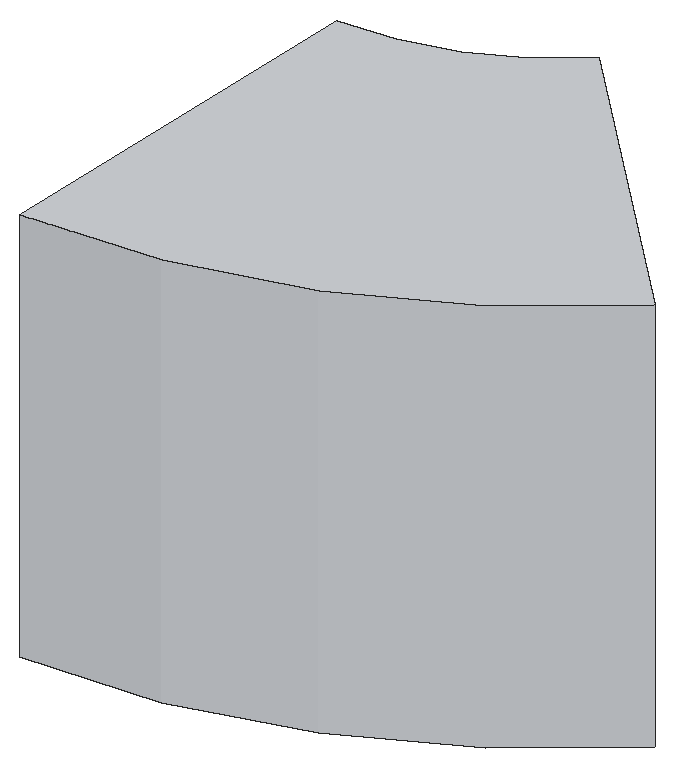
Revit family "Rectangular-Duct-Elbow_Radius-w-KoolDuct-Insulation-System", category Duct Fittings, Revit 2026
Family settings
  Round Connector Dimension = Use Diameter
  Part Type = Elbow
  Classification Number = 23.75.70.14
  Work Plane-Based = No
  Always vertical = Yes
  Cut with Voids When Loaded = No
  Shared = No
Parameters (values of type "KoolDuct Duct")
  Width [instance] = 12"
  built-in parameter 1114242 [instance] = (empty or 0)
  URL = "http://www.trustgreenguard.com/hvac-ductwork/kingspan-koolduct-system/"
  Type Comments = ""
  Specification = "http://www.arcat.com/sdspecs/htm04/23_31_00ksp.htm"
  Sales Information = "http://www.trustgreenguard.com/contact/"
  Revision = "R1_2016-10"
  Radius Multiplier = 1.5
  Product Properties = "http://www.trustgreenguard.com/knowledge-base/ductwork/"
  Product Data = "http://www.arcat.com/arcatcos/cos49/arc49893.html"
  Model = "Rectangular Duct Elbow - Radius w/ KoolDuct Insulation"
  Manufacturer Website = "http://www.trustgreenguard.com/hvac-ductwork/kingspan-koolduct-system/"
  Manufacturer Phone - Toll Free = "800-241-4402"
  Manufacturer Phone = "678-589-7300"
  Manufacturer Fax = "678-589-7325"
  Manufacturer Address = "2100 RiverEdge Pkwy. Suite 175; Atlanta; GA 30328"
  Manufacturer = "Kingspan Insulation LLC"
  Lining Width [instance] = Width - Lining Thickness * 2  # 12"
  Lining Thickness [instance] = 0"
  Lining Height [instance] = Height - Lining Thickness * 2  # 12"
  Length1 [instance] = Center Radius * tan(Angle / 2)  # 7.45584"
  Keynote = "23 07 19"
  Insulation Width [instance] = Width + Insulation Thickness * 2  # 15"
  Insulation Thickness = 1 1/2"
  Insulation Height [instance] = Height + Insulation Thickness * 2  # 15"
  Installation-Fabrication = "http://www.trustgreenguard.com/knowledge-base/ductwork/"
  Height [instance] = 12"
  Drawn By = "Sumex Design / Robert S Weygant"
  Description = "Rectangular Duct Elbow - Radius w/ KoolDuct Insulation System"
  Default Elevation = 0' - 0"
  Cost = 0
  Copyright = "� 2016 ARCAT Inc."
  Construction Details = "http://www.arcat.com/details/kinginsu/kinginsu.html?coid=49893"
  Center Radius [instance] = Radius Multiplier * Width  # 18"
  Assembly Code = "D3040100"
  Angle [instance] = 45.00°
Reference planes (in)
  plane 1 "Center (Front/Back)": y = 0
  plane 2: z = 0
  plane 3 "Center (Left/Right)": x = 0
  plane 4: y = 18
  plane 5: x = -7.45584
Forms (in)
  Sweep 1, solid, detail levels medium+fine
    path in 3D
      loop
        arc (-7.45584, 0, 0) -> (-0.56754, 1.37017, 0) -> (5.27208, 5.27208, 0) r 18
    profile "Duct - Rectangular : Duct - Rectangular" origin (-0.56754, 1.37017, 0) x (-0.382683, 0.92388, 0) y (0, 0, 1)
      loop
        line (-6, 6) -> (-6, -6) -> (6, -6) -> (6, 6) -> (-6, 6)
  Sweep 2, solid, detail levels medium+fine
    path in 3D
      loop
        arc (-7.45584, 0, 0) -> (-0.56754, 1.37017, 0) -> (5.27208, 5.27208, 0) r 18
    profile "Duct - Rectangular : Duct - Lining" origin (-0.56754, 1.37017, 0) x (-0.382683, 0.92388, 0) y (0, 0, 1)
      loop
        line (-6, 6) -> (-6, -6) -> (6, -6) -> (6, 6) -> (-6, 6)
  Sweep 3, solid, detail levels medium+fine
    path in 3D
      loop
        arc (-7.45584, 0, 0) -> (-0.56754, 1.37017, 0) -> (5.27208, 5.27208, 0) r 18
    profile "Duct - Rectangular : Duct - Insulation" origin (-0.56754, 1.37017, 0) x (-0.382683, 0.92388, 0) y (0, 0, 1)
      loop
        line (-7.5, 7.5) -> (-7.5, -7.5) -> (7.5, -7.5) -> (7.5, 7.5) -> (-7.5, 7.5)
Lines and regions (in)
  reference lines
    curve 1: line (-7.45584, 0, 0) -> (0, 0, 0)
    curve 2: line (0, 0, 0) -> (5.27208, 5.27208, 0)
    curve 3: arc (-7.45584, 0, 0) -> (-0.56754, 1.37017, 0) -> (5.27208, 5.27208, 0) r 18
    curve 4: line (-7.45584, 18, 0) -> (5.27208, 5.27208, 0)
    curve 9: line (-7.45584, 18, 0) -> (-7.45584, 0, 0)
  sketch lines
    curve 5: arc (-7.45584, 0, 0) -> (-0.56754, 1.37017, 0) -> (5.27208, 5.27208, 0) r 18
    curve 6: arc (-7.45584, 0, 0) -> (-0.56754, 1.37017, 0) -> (5.27208, 5.27208, 0) r 18
    curve 7: arc (-7.45584, 0, 0) -> (-0.56754, 1.37017, 0) -> (5.27208, 5.27208, 0) r 18
  model lines, style "DuctFitting"
    curve 8: arc (-7.45584, 0, 0) -> (-0.56754, 1.37017, 0) -> (5.27208, 5.27208, 0) r 18
Dimensions and locks (in)
  "Length1": plane 5 to plane 3 "Center (Left/Right)"
  "Center Radius": plane 1 "Center (Front/Back)" to plane 4
  "Angle": angle curve 9 to curve 4
  "Angle": angle curve 8 to curve 8
  aligned and locked: plane 1 "Center (Front/Back)" to curve 1
  aligned and locked: plane 3 "Center (Left/Right)" to curve 1
  aligned and locked: plane 5 to curve 1
  aligned and locked: plane 4 to curve 3
  aligned and locked: plane 5 to curve 3
  aligned and locked: connector elem to curve 8
  aligned and locked: plane 4 to curve 8
  aligned and locked: plane 5 to curve 8  (x2)
  aligned and locked: curve 9 to plane 5
  aligned and locked: plane 4 to curve 9
Connectors (in)
  hvac at (-7.45584, 0, 0), driven by "Angle", driven by "Height", driven by "Width"
    settings: on Sweep 1, index 1, duct flow 0 CFM, flow factor 0, pres drop 0.00 in-wg, loss coef 0, conn angle 45.00°, conn width 12", conn height 12", conn diameter 24", duct sys type 28, conn prof type 1, flow config 0, flow direction 0, loss method 0, conn ref index -1, conn util no, is conn primary no, conn desc ""
  hvac at (5.27208, 5.27208, 0), driven by "Angle", driven by "Height", driven by "Width"
    settings: on Sweep 1, index 2, duct flow 0 CFM, flow factor 0, pres drop 0.00 in-wg, loss coef 0, conn angle 45.00°, conn width 12", conn height 12", conn diameter 24", duct sys type 28, conn prof type 1, flow config 0, flow direction 0, loss method 0, conn ref index -1, conn util no, is conn primary yes, conn desc ""
